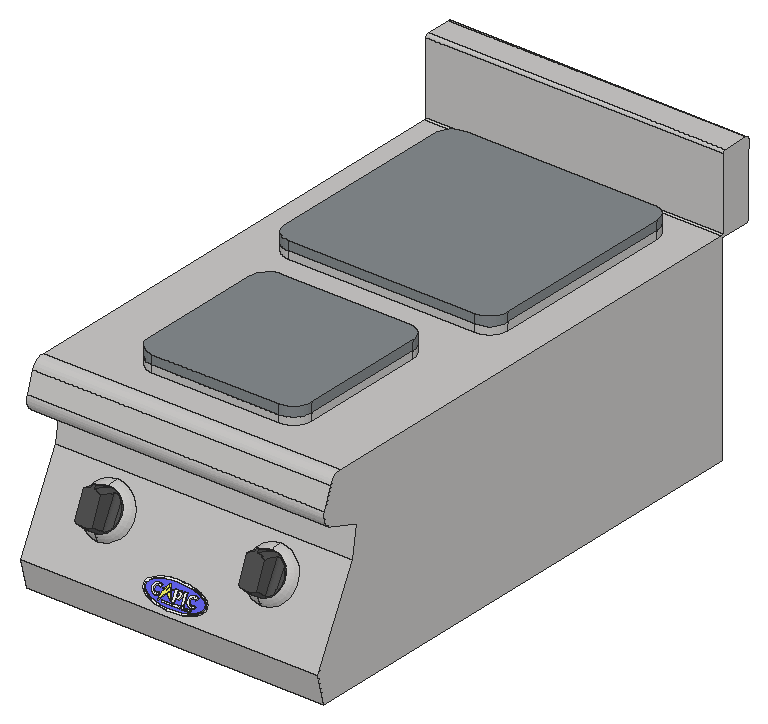
Revit family "QF_CAPIC_AVEN_W540711", category Equipement spécialisé, Revit 2018
Family settings
  Cote de connecteur circulaire = Utiliser le diamètre
  Type d'élément = Normal
  Numéro OmniClass = 23.40.40.14
  Titre OmniClass = Food Service Equipment
  Basée sur le plan de construction = Non
  Toujours verticalement = Oui
  Couper avec des vides une fois chargée = Non
  Partagée = Non
  Point de calcul de pièce = Non
Parameters (values of type "400 x 725 x 270 mm")
  URL catalogue = "http://www.capic-fr.com/fr/"
  Type de Raccord Plomberie [instance] = ""
  Type de Raccord Electrique [instance] = "Bornier interne"
  Type de Gaz = ""
  Type article [instance] = ""
  Tension = 400 V
  Spécification du Fabricant = ""
  Show Logo = yes
  Remarques evacuation [instance] = ""
  Remarques Plomberie [instance] = ""
  Remarques Electricité [instance] = "400Vx3 +T+N"
  Puissance électrique  = 6600 W
  Puissance Gaz kW = 0
  Profondeur hors tout = 725 mm
  Pression Maximum Eau Adoucie = 0.0 Pa
  Poids net à vide = 49.00 kg
  Phase = 0
  Modèle = "W540711"
  Longueur hors tout = 400 mm
  Intensité nominale = 0 A
  Hauteur hors tout = 390 mm
  Hauteur de Raccordement du Sol Finis = 0 mm
  Hauteur de Raccordement Gaz du Sol Finis = 0 mm
  Hauteur de Raccordement Evacuation Directe du Sol Finis = 0 mm
  Hauteur de Raccordement Eau Froide du Sol Finis = 0 mm
  Hauteur de Raccordement Eau Chaude du Sol Finis = 0 mm
  Hauteur de Raccordement Eau Adoucie du Sol Finis = 0 mm
  Fréquence = 50 Hz
  Fabricant = "CAPIC"
  Débit d'air d'extraction = 0.0 m³/h
  Débit Gaz = 0.0 L/s
  Débit Eau Froide = 0.0 L/s
  Débit Eau Chaude = 0.0 L/s
  Débit Eau Adoucie = 0.0 L/s
  Diamètre de Raccordement Gaz = 0 mm
  Diamètre de Raccordement Evacuation = 0 mm
  Diamètre de Raccordement Eau Froide = 0 mm
  Diamètre de Raccordement Eau Chaude = 0 mm
  Diamètre de Raccordement Eau Adoucie = 0 mm
  Description = "2 Plaques electriques"
  Assembly Code = ""
  Classification  Omniclass nombre et titre = "23.40.40.14"
Reference planes
  plane 1 "Centre (avant/arrière)": y = 0
  plane 2: z = 0
  plane 3 "Centre (gauche/droite)": x = 0
  plane 4: x = 400
Forms (mm)
  Extrusion 1, solid, material "QF_Stainless Steel-Brushed"
    sketch origin (0, -45.05, 638) x (0, 1, 0) y (0, 0, 1)
      loop
        line (1.05, 270.397) -> (-641.347, 270.397)
        arc (-641.347, 270.397) -> (-651.671, 267.142) -> (-658.261, 258.553) r 18
        line (-658.261, 258.553) -> (-667.837, 232.245)
        arc (-667.837, 232.245) -> (-667.236, 218.482) -> (-657.078, 209.174) r 18
        line (-657.078, 209.174) -> (-613.251, 193.222) -> (-619.754, 152.161) -> (-680.074, 38.717) -> (-668.972, 0) -> (0, 0) -> (0, 268.397) -> (42.05, 268.397) -> (44.05, 270.397) -> (44.05, 356.397) -> (45.05, 356.397) -> (45.05, 368.397)
        arc (45.05, 368.397) -> (43.878, 371.225) -> (41.05, 372.397) r 4
        line (41.05, 372.397) -> (7.05, 372.397)
        arc (7.05, 372.397) -> (4.222, 371.225) -> (3.05, 368.397) r 4
        line (3.05, 368.397) -> (3.05, 272.397)
        arc (3.05, 272.397) -> (2.464, 270.983) -> (1.05, 270.397) r 2
    from 0 to 400
Dimensions and locks
  "Longueur hors tout": plane 3 "Centre (gauche/droite)" to plane 4
  aligned and locked: level to plane 2
  aligned and locked: plane 4 to Extrusion 1
  aligned and locked: Extrusion 1 to plane 3 "Centre (gauche/droite)"
Automatic sketch dimensions
  level to Extrusion 1 sketch curve = 638 mm
  plane 1 "Centre (avant/arrière)" to Extrusion 1 sketch curve = 45.05 mm
  level to Extrusion 1 sketch curve = 831.222 mm
  plane 1 "Centre (avant/arrière)" to Extrusion 1 sketch curve = 658.301 mm
  level to Extrusion 1 sketch curve = 790.161 mm
  Extrusion 1 sketch curve to Extrusion 1 sketch curve = 6.503 mm
  Extrusion 1 sketch curve to Extrusion 1 sketch curve = 28.096 mm
  Extrusion 1 sketch curve to Extrusion 1 sketch curve = 9.575 mm
  level to Extrusion 1 sketch curve = 847.174 mm
  Extrusion 1 sketch curve to Extrusion 1 sketch curve = 6.156 mm  (x2)
  level to Extrusion 1 sketch curve = 896.553 mm
  Extrusion 1 sketch curve to Extrusion 1 sketch curve = 16.914 mm  (x2)
  level to Extrusion 1 sketch curve = 870.245 mm
  Extrusion 1 sketch curve to Extrusion 1 sketch curve = 49.218 mm
  level to Extrusion 1 sketch curve = 676.717 mm
  Extrusion 1 sketch curve to Extrusion 1 sketch curve = 11.102 mm
  plane 1 "Centre (avant/arrière)" to Extrusion 1 sketch curve = 44 mm
  plane 1 "Centre (avant/arrière)" to Extrusion 1 sketch curve = 42 mm
  Extrusion 1 sketch curve to Extrusion 1 sketch curve = 4 mm  (x2)
  Extrusion 1 sketch curve to Extrusion 1 sketch curve = 34 mm
  Extrusion 1 sketch curve to Extrusion 1 sketch curve = 39 mm
  Extrusion 1 sketch curve to Extrusion 1 sketch curve = 3 mm
  Extrusion 1 sketch curve to Extrusion 1 sketch curve = 1 mm
  Extrusion 1 sketch curve to Extrusion 1 sketch curve = 2 mm
  Extrusion 1 sketch curve to Extrusion 1 sketch curve = 86 mm
  Extrusion 1 sketch curve to Extrusion 1 sketch curve = 12 mm
Nested families
  nested 1: "QF_Details_LogoCapic" at (200, -713.73, 698.145) x (1, 0, 0) z (0, -0.8829, 0.4695), visible <- "Show Logo", type "QF_Details_LogoCapic"
  nested 2: "QF_Details_PEF220" at (90, -427, 7.946), type "QF_Details_PEF220"
  nested 3: "QF_Details_PEF300" at (50, -67, 7.946), type "QF_Details_PEF300"
  nested 4: "QF_Details_BoutonCde_face" at (90, -685.811, 750.653) x (1, 0, 0) z (0, -0.8829, 0.4695), type "QF_Details_BoutonCde_face"
  nested 5: "QF_Details_BoutonCde_face" at (310, -685.811, 750.653) x (1, 0, 0) z (0, -0.8829, 0.4695), type "QF_Details_BoutonCde_face"
Definition of nested family "QF_Details_LogoCapic"
  Parameters (values of type "QF_Details_LogoCapic")
    Default Elevation = 1219.2 mm
  Reference planes
    plane 1 "Centre (avant/arrière)": y = 0
    plane 2: z = 0
    plane 3 "Centre (gauche/droite)": x = 0
  Forms (mm)
    Extrusion 1, solid
      sketch origin (0, 0, 0) x (1, 0, 0) y (0, 1, 0)
        loop
          line (-1219.2, 1219.2) -> (-1219.2, -1219.2) -> (1219.2, -1219.2) -> (1219.2, 1219.2) -> (-1219.2, 1219.2)
      from 0 to -304.8
    Extrusion 2, solid
      sketch origin (0, 0, 0) x (1, 0, 0) y (0, 1, 0)
        loop
          spline (42.486, 0) -> (41.038, 4.53) -> (36.793, 8.751) -> (30.041, 12.376) -> (21.24, 15.157) -> (10.992, 16.906) -> (-0.005, 17.502) -> (-11.003, 16.906) -> (-21.251, 15.157) -> (-30.051, 12.376) -> (-36.804, 8.751) -> (-41.048, 4.53) -> (-42.496, 0)
          spline (-42.496, 0) -> (-41.048, -4.53) -> (-36.804, -8.751) -> (-30.051, -12.376) -> (-21.251, -15.157) -> (-11.003, -16.906) -> (-0.005, -17.502) -> (10.992, -16.906) -> (21.24, -15.157) -> (30.041, -12.376) -> (36.793, -8.751) -> (41.038, -4.53) -> (42.486, 0)
        loop
          spline (40.459, 0) -> (39.08, 4.005) -> (35.038, 7.737) -> (28.607, 10.942) -> (20.227, 13.401) -> (10.468, 14.947) -> (-0.005, 15.474) -> (-10.478, 14.947) -> (-20.237, 13.401) -> (-28.618, 10.942) -> (-35.048, 7.737) -> (-39.091, 4.005) -> (-40.47, 0)
          spline (-40.47, 0) -> (-39.091, -4.005) -> (-35.048, -7.737) -> (-28.618, -10.942) -> (-20.237, -13.401) -> (-10.478, -14.947) -> (-0.005, -15.474) -> (10.468, -14.947) -> (20.227, -13.401) -> (28.607, -10.942) -> (35.038, -7.737) -> (39.08, -4.005) -> (40.459, 0)
      from 0 to 1
    Extrusion 3, solid
      sketch origin (0, 0, 0) x (1, 0, 0) y (0, 1, 0)
        loop
          spline (-40.47, 0) -> (-39.085, -4.012) -> (-35.047, -7.734) -> (-28.617, -10.941) -> (-20.237, -13.401) -> (-10.478, -14.946) -> (-0.005, -15.474) -> (10.468, -14.947) -> (20.227, -13.401) -> (28.606, -10.942) -> (35.038, -7.737) -> (39.081, -4.004) -> (40.459, 0)
          spline (40.459, 0) -> (39.075, 4.012) -> (35.037, 7.734) -> (28.607, 10.941) -> (20.227, 13.401) -> (10.467, 14.946) -> (-0.005, 15.474) -> (-10.478, 14.947) -> (-20.237, 13.401) -> (-28.617, 10.942) -> (-35.048, 7.737) -> (-39.091, 4.004) -> (-40.47, 0)
      from 0 to 1
    Extrusion 4, solid
      sketch origin (0, 0, 0.5) x (1, 0, 0) y (0, 1, 0)
        loop
          line (-20.944, 3.897) -> (-18.992, 5.849)
          arc (-18.992, 5.849) -> (-30.967, 0.712) -> (-18.902, -4.211) r 7.063
          line (-18.902, -4.211) -> (-20.854, -2.259)
          arc (-20.854, -2.259) -> (-28.207, 0.712) -> (-20.944, 3.897) r 4.303
      from 0 to 1
    Extrusion 5, solid
      sketch origin (0, 0, 0.5) x (1, 0, 0) y (0, 1, 0)
        loop
          line (-1.061, 7.837) -> (-1.061, -6.288) -> (1.738, -6.288) -> (1.738, -2.065) -> (4.782, -2.065)
          spline (4.782, -2.065) -> (5.836, -1.896) -> (6.819, -1.402) -> (7.663, -0.615) -> (8.311, 0.411) -> (8.718, 1.605) -> (8.856, 2.886) -> (8.718, 4.168) -> (8.311, 5.362) -> (7.663, 6.387) -> (6.819, 7.174) -> (5.836, 7.669) -> (4.782, 7.837)
          line (4.782, 7.837) -> (-1.061, 7.837)
        loop
          line (1.738, 5.077) -> (1.738, 0.775) -> (4.418, 0.775)
          spline (4.418, 0.775) -> (4.819, 0.848) -> (5.193, 1.063) -> (5.514, 1.405) -> (5.761, 1.85) -> (5.916, 2.369) -> (5.969, 2.926) -> (5.916, 3.483) -> (5.761, 4.002) -> (5.514, 4.447) -> (5.193, 4.789) -> (4.819, 5.004) -> (4.418, 5.077)
          line (4.418, 5.077) -> (1.738, 5.077)
      from 0 to 1
    Extrusion 6, solid
      sketch origin (0, 0, 0.5) x (1, 0, 0) y (0, 1, 0)
        loop
          line (11.122, 7.837) -> (11.122, -6.288) -> (14.009, -6.288) -> (14.009, 7.837) -> (11.122, 7.837)
      from 0 to 1
    Extrusion 7, solid
      sketch origin (47.835, 0, 0.5) x (1, 0, 0) y (0, 1, 0)
        loop
          line (-20.944, 3.897) -> (-18.992, 5.849)
          arc (-18.992, 5.849) -> (-30.967, 0.712) -> (-18.902, -4.211) r 7.063
          line (-18.902, -4.211) -> (-20.854, -2.259)
          arc (-20.854, -2.259) -> (-28.207, 0.712) -> (-20.944, 3.897) r 4.303
      from 0 to 1
    Extrusion 8, solid
      sketch origin (0, 0, 0.5) x (1, 0, 0) y (0, 1, 0)
        loop
          line (-14.086, -8.467) -> (-14.086, -10.703) -> (-0.382, -10.703) -> (-0.382, -8.467) -> (-14.086, -8.467)
        loop
          line (1.692, -7.694) -> (1.692, -10.703) -> (10.598, -10.703) -> (10.598, -7.694) -> (1.692, -7.694)
        loop
          circle (14.095, -9.117) r 1.311
        loop
          circle (18.365, -9.117) r 1.311
        loop
          circle (22.635, -9.117) r 1.311
      from 0 to 1
    Extrusion 9, solid
      sketch origin (0, 0, 0.5) x (1, 0, 0) y (0, 1, 0)
        loop
          arc (-10.078, 10.027) -> (-16.152, 0.742) -> (-18.987, -9.985) r 34.734
          arc (-18.987, -9.985) -> (-13.545, -2.96) -> (-7.054, 3.109) r 55.667
          line (-7.054, 3.109) -> (-10.078, 10.027)
        loop
          line (-10.891, 5.813) -> (-12.476, 3.068) -> (-9.306, 3.068) -> (-10.891, 5.813)
      from 0 to 1
    Extrusion 10, solid
      sketch origin (0, 0, 0.5) x (1, 0, 0) y (0, 1, 0)
        loop
          line (-17.978, 3.413) -> (-16.228, 2.092) -> (-14.209, 5.589) -> (-17.978, 3.413)
        loop
          line (-7.246, 5.196) -> (-6.474, 3.433) -> (-3.608, 5.838) -> (-7.246, 5.196)
        loop
          line (-10.905, -1.415) -> (-2.534, -6.652) -> (-6.862, 2.629) -> (-10.905, -1.415)
      from 0 to 1
  Dimensions and locks
    aligned and locked: plane 2 to Extrusion 1
    aligned and locked: level to Extrusion 1
Definition of nested family "QF_Details_PEF220"
  Reference planes
    plane 1 "Centre (avant/arrière)": y = 0
    plane 2: z = 0
    plane 3 "Centre (gauche/droite)": x = 0
    plane 4: y = -220
    plane 5: x = 220
    plane 6: z = 900
    plane 7: z = 910
    plane 8: z = 922.5
  Forms (mm)
    Extrusion 1, solid
      sketch origin (0, 0, 0) x (1, 0, 0) y (0, 1, 0)
        loop
          arc (25, 0) -> (7.322, -7.322) -> (0, -25) r 25
          line (0, -25) -> (0, -195)
          arc (0, -195) -> (7.322, -212.678) -> (25, -220) r 25
          line (25, -220) -> (195, -220)
          arc (195, -220) -> (212.678, -212.678) -> (220, -195) r 25
          line (220, -195) -> (220, -25)
          arc (220, -25) -> (212.678, -7.322) -> (195, 0) r 25
          line (195, 0) -> (25, 0)
      from 910 to 922.5
    Extrusion 2, solid
      sketch origin (0, 0, 0) x (1, 0, 0) y (0, 1, 0)
        loop
          arc (25, 0) -> (7.322, -7.322) -> (0, -25) r 25
          line (0, -25) -> (0, -195)
          arc (0, -195) -> (7.322, -212.678) -> (25, -220) r 25
          line (25, -220) -> (195, -220)
          arc (195, -220) -> (212.678, -212.678) -> (220, -195) r 25
          line (220, -195) -> (220, -25)
          arc (220, -25) -> (212.678, -7.322) -> (195, 0) r 25
          line (195, 0) -> (25, 0)
      from 900 to 910
  Dimensions and locks
    locked: plane 6 to level at 900
    locked: plane 7 to plane 6 at 10
    locked: plane 8 to plane 7 at 12.5
    locked: plane 3 "Centre (gauche/droite)" to plane 5 at 220
    locked: plane 4 to plane 1 "Centre (avant/arrière)" at 220
    aligned and locked: level to plane 2
    aligned and locked: plane 1 "Centre (avant/arrière)" to Extrusion 1 sketch curve
    aligned and locked: plane 3 "Centre (gauche/droite)" to Extrusion 1 sketch curve
    aligned and locked: plane 4 to Extrusion 1 sketch curve
    aligned and locked: Extrusion 1 sketch curve to plane 5
    aligned and locked: plane 8 to Extrusion 1
    aligned and locked: Extrusion 1 to plane 7
    aligned and locked: plane 1 "Centre (avant/arrière)" to Extrusion 2 sketch curve
    aligned and locked: plane 3 "Centre (gauche/droite)" to Extrusion 2 sketch curve
    aligned and locked: plane 4 to Extrusion 2 sketch curve
    aligned and locked: Extrusion 2 sketch curve to plane 5
    aligned and locked: plane 7 to Extrusion 2
    aligned and locked: Extrusion 2 to plane 6
Definition of nested family "QF_Details_PEF300"
  Reference planes
    plane 1 "Centre (avant/arrière)": y = 0
    plane 2: z = 0
    plane 3 "Centre (gauche/droite)": x = 0
    plane 4: y = -300
    plane 5: x = 300
    plane 6: z = 900
    plane 7: z = 910
    plane 8: z = 922.5
  Forms (mm)
    Extrusion 1, solid
      sketch origin (0, 0, 0) x (1, 0, 0) y (0, 1, 0)
        loop
          arc (25, 0) -> (7.322, -7.322) -> (0, -25) r 25
          line (0, -25) -> (0, -275)
          arc (0, -275) -> (7.322, -292.678) -> (25, -300) r 25
          line (25, -300) -> (275, -300)
          arc (275, -300) -> (292.678, -292.678) -> (300, -275) r 25
          line (300, -275) -> (300, -25)
          arc (300, -25) -> (292.678, -7.322) -> (275, 0) r 25
          line (275, 0) -> (25, 0)
      from 910 to 922.5
    Extrusion 2, solid
      sketch origin (0, 0, 0) x (1, 0, 0) y (0, 1, 0)
        loop
          arc (25, 0) -> (7.322, -7.322) -> (0, -25) r 25
          line (0, -25) -> (0, -275)
          arc (0, -275) -> (7.322, -292.678) -> (25, -300) r 25
          line (25, -300) -> (275, -300)
          arc (275, -300) -> (292.678, -292.678) -> (300, -275) r 25
          line (300, -275) -> (300, -25)
          arc (300, -25) -> (292.678, -7.322) -> (275, 0) r 25
          line (275, 0) -> (25, 0)
      from 900 to 910
  Dimensions and locks
    locked: plane 3 "Centre (gauche/droite)" to plane 5 at 300
    locked: plane 4 to plane 1 "Centre (avant/arrière)" at 300
    locked: plane 6 to level at 900
    locked: plane 7 to plane 6 at 10
    locked: plane 8 to plane 7 at 12.5
    aligned and locked: level to plane 2
    aligned and locked: plane 1 "Centre (avant/arrière)" to Extrusion 1 sketch curve
    aligned and locked: plane 3 "Centre (gauche/droite)" to Extrusion 1 sketch curve
    aligned and locked: plane 4 to Extrusion 1 sketch curve
    aligned and locked: Extrusion 1 sketch curve to plane 5
    aligned and locked: plane 8 to Extrusion 1
    aligned and locked: Extrusion 1 to plane 7
    aligned and locked: plane 1 "Centre (avant/arrière)" to Extrusion 2 sketch curve
    aligned and locked: plane 3 "Centre (gauche/droite)" to Extrusion 2 sketch curve
    aligned and locked: plane 4 to Extrusion 2 sketch curve
    aligned and locked: Extrusion 2 sketch curve to plane 5
    aligned and locked: plane 7 to Extrusion 2
    aligned and locked: Extrusion 2 to plane 6
Definition of nested family "QF_Details_BoutonCde_face"
  Parameters (values of type "QF_Details_BoutonCde_face")
    Default Elevation = 1219.2 mm
  Reference planes
    plane 1 "Centre (avant/arrière)": y = 0
    plane 2: z = 0
    plane 3 "Centre (gauche/droite)": x = 0
  Forms (mm)
    Extrusion 1, solid
      sketch origin (0, 0, 0) x (1, 0, 0) y (0, 1, 0)
        loop
          line (-1219.2, 1219.2) -> (-1219.2, -1219.2) -> (1219.2, -1219.2) -> (1219.2, 1219.2) -> (-1219.2, 1219.2)
      from 0 to -304.8
    Revolve 2, solid
      sketch origin (0, -424.122, 22.212) x (0, 0, -1) y (0, 1, 0)
        loop
          arc (5.871, 449.971) -> (-8.423, 448.326) -> (-22.417, 444.983) r 120.076
          line (-22.417, 444.983) -> (-22.417, 424.125) -> (5.871, 424.125) -> (5.871, 449.971)
        axis (5.871, 424.125) -> (-22.417, 424.125)
      angle from 0 to 360
    Extrusion 3, void
      sketch origin (0, -424.122, 22.212) x (1, 0, 0) y (0, 0, -1)
        loop
          line (-20.046, 5.019) -> (-26.533, 5.019) -> (-26.533, -26.12) -> (-11.799, -26.12) -> (-12.009, -22.113) -> (-13.084, -1.588)
          arc (-13.084, -1.588) -> (-15.247, 3.104) -> (-20.046, 5.019) r 6.971
      from 398.385 to 449.971
    Extrusion 4, void
      sketch origin (0, -424.122, 22.212) x (-1, 0, 0) y (0, 0, 1)
        loop
          arc (-20.046, -5.019) -> (-15.247, -3.104) -> (-13.084, 1.588) r 6.971
          line (-13.084, 1.588) -> (-12.009, 22.113) -> (-11.799, 26.12) -> (-26.533, 26.12) -> (-26.533, -5.019) -> (-20.046, -5.019)
      from 398.385 to 449.971
    Extrusion 5, solid
      sketch origin (0, -424.122, 22.212) x (1, 0, 0) y (0, 1, 0)
        loop
          line (-1.769, 450.075) -> (-1.769, 444.575) -> (1.769, 444.575) -> (1.769, 450.075) -> (-1.769, 450.075)
      from -5.871 to 22.417
    Revolve 6, solid
      sketch origin (0, -424.122, 22.212) x (0, 0, -1) y (0, 1, 0)
        loop
          arc (17.212, 458.76) -> (10.984, 455.085) -> (5.871, 449.971) r 28.739
          line (5.871, 449.971) -> (5.871, 424.122) -> (17.212, 424.122) -> (17.212, 458.76)
        axis (17.212, 424.122) -> (5.871, 424.122)
      angle from 0 to 360
    Extrusion 7, void
      sketch origin (0, -597.063, -962.31) x (0, 0.156434, -0.987688) y (0, 0.987688, 0.156434)
        loop
          line (-897.081, 772.866) -> (-914.868, 772.866) -> (-914.868, 714.91) -> (-901.134, 714.91) -> (-897.081, 772.866)
      from -22.625 to 23.018
  Cuts and joins
    Extrusion 3, Extrusion 4, Extrusion 7 cuts Revolve 2
    Extrusion 7 cuts Extrusion 5
    joined: Revolve 2, Extrusion 5
  Dimensions and locks
    aligned and locked: plane 2 to Extrusion 1
    aligned and locked: level to Extrusion 1
